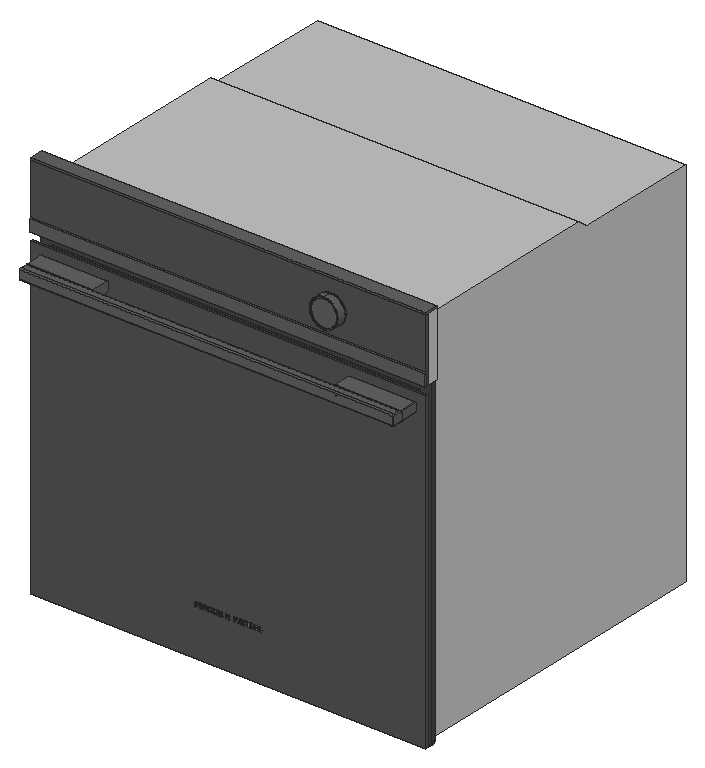
Revit family "FP_Revit_18_OB60SDPTDB1_Oven_90000944A", category Specialty Equipment, Revit 2018
Family settings
  Round Connector Dimension = Use Diameter
  Part Type = Normal
  OmniClass Number = 23.40.40.14.17.11
  OmniClass Title = Cookers, Ovens, Stoves
  Work Plane-Based = No
  Always vertical = Yes
  Cut with Voids When Loaded = Yes
  Shared = No
  Room Calculation Point = No
Parameters
  Visibility - Clearance Required = yes
  URL = "www.fisherpaykel.com"
  Product - Width = 596 mm  # constant formula
  Product - Height = 598 mm  # constant formula
  Product - Depth = 565 mm  # constant formula
  Model = "OB60SDPTDB1"
  Material - Trim = Fisher & Paykel - Aluminium, Dark
  Material - Structure = Fisher & Paykel - Black
  Material - Handle = Fisher & Paykel - Aluminium, Dark
  Material - Glass = Fisher & Paykel - Glass, Black
  Material - Buttons and Dials = Fisher & Paykel - Aluminium, Dark
  Material - Body = Fisher & Paykel - Grey
  Manufacturer = "Fisher & Paykel Appliances"
  FFL Offset [instance] = 200 mm
  Description = "60cm Built-In Oven"
  Connector Note - Electrical = "230 V, 18.5 A"
  Chassis - Width = 556 mm  # constant formula
  Chassis - Height = 575 mm  # constant formula
  Chassis - Depth = 545 mm  # constant formula
  Cavity - Width = 600 mm  # constant formula
  Cavity - Height = 600 mm  # constant formula
  Cavity - Depth = 550 mm  # constant formula
Reference planes
  plane 1 "Datum": y = 0
  plane 2: z = 0
  plane 3 "Center (Left/Right)": x = 0
  plane 4 "Cavity": z = 780
  plane 5 "Product Height": z = 798
  plane 6 "Product LHS": x = -298
  plane 7 "Product RHS": x = 298
  plane 8 "Cavity LHS": x = -300
  plane 9 "Cavity RHS": x = 300
  plane 10 "Cavity - Depth": y = 550
  plane 11 "Product Depth": y = 545
  plane 12 "Front Face": y = -20
  plane 13 "Dial": x = 154.861
  plane 14 "FFL Offset": z = 200
  plane 15 "Cavity Height": z = 800
Forms (mm)
  Extrusion 1, solid, material "Fisher & Paykel - Grey" <- "Material - Body"
    sketch origin (0, 0, 0) x (0, 1, 0) y (0, 0, 1)
      loop
        line (0, 200) -> (525, 200) -> (525, 393.99) -> (545, 413.99) -> (545, 609.73) -> (495, 659.73) -> (495, 764.6) -> (307.721, 764.6) -> (293.958, 775) -> (0, 775) -> (0, 200)
    from -278 to 278
  Extrusion 2, void
    sketch origin (0, 0, 0) x (1, 0, 0) y (0, 1, 0)
      loop
        line (-278, 495) -> (-229.13, 495) -> (-179.13, 545) -> (-278, 545) -> (-278, 495)
      loop
        line (278, 495) -> (278, 545) -> (94.617, 545) -> (114.617, 525) -> (199.13, 525) -> (229.13, 495) -> (278, 495)
    from 200 to 764.6
  Extrusion 3, solid, material "Fisher & Paykel - Aluminium, Dark" <- "Material - Trim"
    sketch origin (0, 0, 0) x (0, 1, 0) y (0, 0, 1)
      loop
        line (0, 798) -> (-20.5, 798) -> (-20.5, 795.1) -> (0, 795.1) -> (0, 798)
    from -298 to 298
  Extrusion 4, solid, material "Fisher & Paykel - Grey" <- "Material - Body"
    sketch origin (0, 0, 0) x (0, 1, 0) y (0, 0, 1)
      loop
        line (-16, 795.1) -> (-16, 698) -> (0, 698) -> (0, 795.1) -> (-16, 795.1)
    from -298 to 298
  Extrusion 5, solid, material "Fisher & Paykel - Glass, Black" <- "Material - Glass"
    sketch origin (0, 0, 0) x (1, 0, 0) y (0, 0, 1)
      loop
        line (-298, 685.2) -> (-298, 208.6) -> (298, 208.6) -> (298, 685.2) -> (-298, 685.2)
      loop
        line (-298, 698) -> (298, 698) -> (298, 794.5) -> (-298, 794.5) -> (-298, 698)
    from 16 to 20
  Extrusion 6, solid, material "Fisher & Paykel - Black" <- "Material - Structure"
    sketch origin (0, 0, 0) x (0, 1, 0) y (0, 0, 1)
      loop
        line (-13.8, 683.7) -> (-16, 683.7) -> (-16, 224.7) -> (-5, 224.7) -> (-5, 680.497) -> (-13.8, 683.7)
    from -277 to 277
  Extrusion 7, solid, material "Fisher & Paykel - Black" <- "Material - Structure"
    sketch origin (0, 0, 0) x (1, 0, 0) y (0, 0, 1)
      loop
        line (-295, 698) -> (-295, 209.536)
        arc (-295, 209.536) -> (-292.207, 202.793) -> (-285.464, 200) r 9.536
        line (-285.464, 200) -> (285.5, 200)
        arc (285.5, 200) -> (292.218, 202.782) -> (295, 209.5) r 9.5
        line (295, 209.5) -> (295, 698) -> (-295, 698)
    from 0 to 5
  Sweep 8, solid, material "Fisher & Paykel - Black"
    path origin (-195.035, 0, 0) x (0, 1, 0) y (0, 0, 1)
      loop
        line (478.272, 708.8) -> (498.6, 708.8)
        arc (498.6, 708.8) -> (507.085, 705.285) -> (510.6, 696.8) r 12
        line (510.6, 696.8) -> (510.6, 678.8)
    profile origin (-195.035, 488.436, 708.8) x (0, 0, 1) y (1, 0, 0)
      loop
        line (0, 11) -> (-11, 11) -> (-11, -11) -> (0, -11)
        arc (0, -11) -> (11, 0) -> (0, 11) r 11
  Extrusion 9, solid, material "Fisher & Paykel - Clearance Required", visible <- "Visibility - Clearance Required", detail levels coarse
    sketch origin (0, 0, 0) x (0, 1, 0) y (0, 0, 1)
      loop
        line (-21.6, 227.528) -> (-21.6, 200) -> (0, 200) -> (0, 800) -> (-21.6, 800) -> (-21.6, 685.18)
        arc (-21.6, 685.18) -> (-333.147, 559.899) -> (-479.9, 257.872) r 466.605
        line (-479.9, 257.872) -> (-465.169, 256.897) -> (-467.944, 214.989) -> (-455.498, 214.164) -> (-452.723, 256.073) -> (-21.6, 227.528)
    from -300 to 300
  Extrusion 10, solid, material "Fisher & Paykel - Clearance Required", visible <- "Visibility - Clearance Required", detail levels coarse
    sketch origin (0, 0, 0) x (1, 0, 0) y (0, 1, 0)
      loop
        line (-280, 0) -> (280, 0) -> (280, 550) -> (-280, 550) -> (-280, 0)
    from 200 to 780
  Extrusion 11, void
    sketch origin (0, 0, 0) x (1, 0, 0) y (0, 1, 0)
      loop
        line (-300, -21.6) -> (300, -21.6) -> (300, 0) -> (-300, 0) -> (-300, -21.6)
    from 200 to 800
  Extrusion 12, solid, material "Fisher & Paykel - Aluminium, Dark" <- "Material - Trim", detail levels fine
    sketch origin (0, 0, 0) x (0, 1, 0) y (0, 0, 1)
      loop
        line (-21.7, 715.525) -> (-21.7, 698) -> (-20, 698) -> (-20, 717.528) -> (-21.7, 715.525)
    from -298 to 298
  Extrusion 13, void
    sketch origin (0, 0, 0) x (1, 0, 0) y (0, 1, 0)
      loop
        line (-280, 550) -> (-280, 0) -> (280, 0) -> (280, 550) -> (-280, 550)
    from 200 to 780
Cuts and joins
  Extrusion 2 cuts Extrusion 1
Lines and regions (mm)
  model lines, style "Fisher & Paykel"
    curve 1: line (217.5, -20, 334.2) -> (-217.5, -20, 334.2)
    curve 2: line (217.5, -20, 617.436) -> (217.5, -20, 334.2)
    curve 3: line (-217.5, -20, 617.436) -> (217.5, -20, 617.436)
    curve 4: line (-217.5, -20, 334.2) -> (-217.5, -20, 617.436)
Text (mm)
  text "Disclaimer:\nWe endeavor to maintain the accuracy of our 3D content.\nHowever, product details are subject to change without notice.\nPlease refer to the product Data Sheets for the most current product information." at (41.04, -568.295, 0), in view "Ref. Level (Plan)"
Dimensions and locks
  equal spacing: plane 6 "Product LHS", plane 3 "Center (Left/Right)", plane 7 "Product RHS"
  "Product - Width": plane 6 "Product LHS" to plane 7 "Product RHS"
  equal spacing: plane 8 "Cavity LHS", plane 3 "Center (Left/Right)", plane 9 "Cavity RHS"
  "Cavity - Width": plane 8 "Cavity LHS" to plane 9 "Cavity RHS"
  "Cavity - Depth": plane 10 "Cavity - Depth" to plane 1 "Datum"
  "Chassis - Depth": plane 11 "Product Depth" to plane 1 "Datum"
  plane 12 "Front Face" to plane 1 "Datum" = 20 mm
  "Product - Depth": plane 11 "Product Depth" to plane 12 "Front Face"
  "Chassis - Width": cut or joined group of Extrusion 1, Extrusion 2 to cut or joined group of Extrusion 1, Extrusion 2
  "FFL Offset": plane 14 "FFL Offset" to level
  "Product - Height": plane 5 "Product Height" to plane 14 "FFL Offset"
  "Cavity - Height": Extrusion 9 to plane 14 "FFL Offset"
  locked: plane 5 "Product Height" to nested 2 at 125.765
  locked: plane 5 "Product Height" to nested 3 at 45.463
  locked: plane 4 "Cavity" to plane 14 "FFL Offset" at 580
  locked: nested 1 to plane 14 "FFL Offset" at 78.956
  locked: Extrusion 5 to plane 14 "FFL Offset" at 8.6
  locked: Extrusion 6 to plane 14 "FFL Offset" at 24.7
  "Cavity - Height": plane 15 "Cavity Height" to plane 14 "FFL Offset"
  locked: cut or joined group of Extrusion 1, Extrusion 2 to plane 14 "FFL Offset" at 564.6
  locked: curve 1 to plane 14 "FFL Offset" at 134.2
  locked: curve 3 to plane 14 "FFL Offset" at 417.436
  aligned and locked: level to plane 2
  aligned and locked: plane 8 "Cavity LHS" to Extrusion 9
  aligned and locked: Extrusion 9 to plane 9 "Cavity RHS"
  aligned and locked: Extrusion 1 sketch curve to plane 14 "FFL Offset"
  aligned and locked: Extrusion 1 to Extrusion 2
  aligned and locked: Extrusion 2 to Extrusion 1
  aligned and locked: plane 14 "FFL Offset" to Extrusion 9 sketch curve
  aligned and locked: plane 14 "FFL Offset" to Extrusion 7 sketch curve
  aligned and locked: Extrusion 13 to cut or joined group of Extrusion 1, Extrusion 2
  aligned and locked: plane 4 "Cavity" to Extrusion 13
  aligned and locked: plane 4 "Cavity" to Extrusion 10
  aligned and locked: Extrusion 10 to cut or joined group of Extrusion 1, Extrusion 2
  aligned and locked: Extrusion 11 to cut or joined group of Extrusion 1, Extrusion 2
  aligned and locked: Extrusion 11 to Extrusion 9
  aligned and locked: plane 15 "Cavity Height" to Extrusion 11
Automatic sketch dimensions
  Extrusion 2 sketch curve to plane 11 "Product Depth" = 0 mm  (x2)
  Extrusion 2 sketch curve to plane 6 "Product LHS" = 20 mm
  Extrusion 2 sketch curve to Extrusion 2 sketch curve = 48.87 mm
  Extrusion 2 sketch curve to Extrusion 2 sketch curve = 50 mm  (x3)
  plane 3 "Center (Left/Right)" to Extrusion 2 sketch curve = 94.617 mm
  Extrusion 2 sketch curve to Extrusion 2 sketch curve = 20 mm
  Extrusion 2 sketch curve to plane 11 "Product Depth" = 20 mm
  Extrusion 2 sketch curve to Extrusion 2 sketch curve = 84.513 mm
  Extrusion 2 sketch curve to Extrusion 2 sketch curve = 30 mm
  plane 7 "Product RHS" to Extrusion 2 sketch curve = 20 mm
  Extrusion 3 sketch curve to plane 1 "Datum" = 0 mm
  Extrusion 3 sketch curve to plane 12 "Front Face" = 0.5 mm
  Extrusion 3 sketch curve to plane 5 "Product Height" = 2.9 mm
  plane 5 "Product Height" to Extrusion 3 sketch curve = 0 mm
  Extrusion 4 sketch curve to plane 1 "Datum" = 0 mm
  plane 12 "Front Face" to Extrusion 4 sketch curve = 4 mm
  Extrusion 4 sketch curve to plane 4 "Cavity" = 82 mm
  Extrusion 4 sketch curve to plane 5 "Product Height" = 2.9 mm
  plane 6 "Product LHS" to Extrusion 5 sketch curve = 0 mm  (x2)
  plane 7 "Product RHS" to Extrusion 5 sketch curve = 0 mm  (x2)
  level to Extrusion 5 sketch curve = 208.6 mm
  Extrusion 5 sketch curve to plane 4 "Cavity" = 94.8 mm
  Extrusion 5 sketch curve to Extrusion 5 sketch curve = 12.8 mm
  Extrusion 5 sketch curve to plane 5 "Product Height" = 3.5 mm
  plane 12 "Front Face" to Extrusion 6 sketch curve = 4 mm
  Extrusion 6 sketch curve to Extrusion 6 sketch curve = 2.2 mm
  plane 1 "Datum" to Extrusion 6 sketch curve = 5 mm
  level to Extrusion 6 sketch curve = 224.7 mm
  Extrusion 6 sketch curve to plane 4 "Cavity" = 99.503 mm
  Extrusion 6 sketch curve to Extrusion 6 sketch curve = 3.203 mm
  plane 7 "Product RHS" to curve 2 = 80.5 mm
  curve 4 to plane 6 "Product LHS" = 80.5 mm
  Sweep 8 sketch curve to plane 11 "Product Depth" = 46.4 mm
  Sweep 8 sketch curve to Sweep 8 sketch curve = 12 mm
  Sweep 8 sketch curve to plane 4 "Cavity" = 83.2 mm
  Sweep 8 sketch curve to Sweep 8 sketch curve = 20.328 mm
  Sweep 8 sketch curve to Sweep 8 sketch curve = 18 mm
  Sweep 8 sketch curve to profile plane = 0 mm  (x2)
  Sweep 8 sketch curve to Sweep 8 sketch curve = 11 mm
  Sweep 8 sketch curve to profile plane = 11 mm
  Extrusion 10 sketch curve to plane 10 "Cavity - Depth" = 0 mm
  plane 1 "Datum" to Extrusion 10 sketch curve = 0 mm
  Extrusion 10 sketch curve to plane 6 "Product LHS" = 18 mm
  plane 7 "Product RHS" to Extrusion 10 sketch curve = 18 mm
  plane 1 "Datum" to Extrusion 11 sketch curve = 0 mm
  Extrusion 11 sketch curve to plane 8 "Cavity LHS" = 0 mm
  Extrusion 11 sketch curve to plane 9 "Cavity RHS" = 0 mm
  Extrusion 11 sketch curve to plane 12 "Front Face" = 1.6 mm
  Extrusion 12 sketch curve to plane 12 "Front Face" = 0 mm
  Extrusion 12 sketch curve to Extrusion 12 sketch curve = 1.7 mm
  Extrusion 12 sketch curve to plane 4 "Cavity" = 82 mm
  Extrusion 12 sketch curve to Extrusion 12 sketch curve = 17.525 mm
  Extrusion 12 sketch curve to Extrusion 12 sketch curve = 2.002 mm
  plane 1 "Datum" to Extrusion 13 sketch curve = 0 mm
  Extrusion 13 sketch curve to plane 10 "Cavity - Depth" = 0 mm
  Extrusion 13 sketch curve to plane 6 "Product LHS" = 18 mm
  plane 7 "Product RHS" to Extrusion 13 sketch curve = 18 mm
  Extrusion 1 sketch curve to plane 1 "Datum" = 0 mm
  Extrusion 1 sketch curve to plane 11 "Product Depth" = 0 mm
  Extrusion 1 sketch curve to plane 4 "Cavity" = 5 mm
  Extrusion 1 sketch curve to plane 11 "Product Depth" = 251.042 mm
  Extrusion 1 sketch curve to Extrusion 1 sketch curve = 13.762 mm
  Extrusion 1 sketch curve to plane 4 "Cavity" = 15.4 mm
  Extrusion 1 sketch curve to plane 11 "Product Depth" = 50 mm
  Extrusion 1 sketch curve to plane 11 "Product Depth" = 20 mm
  plane 14 "FFL Offset" to Extrusion 1 sketch curve = 193.99 mm
  Extrusion 1 sketch curve to Extrusion 1 sketch curve = 20 mm
  Extrusion 1 sketch curve to Extrusion 1 sketch curve = 154.87 mm
  Extrusion 1 sketch curve to Extrusion 1 sketch curve = 50 mm
  Extrusion 9 sketch curve to plane 1 "Datum" = 0 mm
  plane 12 "Front Face" to Extrusion 9 sketch curve = 5.051 mm
  Extrusion 9 sketch curve to plane 12 "Front Face" = 1.6 mm  (x2)
  plane 14 "FFL Offset" to Extrusion 9 sketch curve = 56.073 mm
  Extrusion 9 sketch curve to Extrusion 9 sketch curve = 431.123 mm
  plane 14 "FFL Offset" to Extrusion 9 sketch curve = 14.164 mm
  Extrusion 9 sketch curve to Extrusion 9 sketch curve = 2.775 mm
  plane 14 "FFL Offset" to Extrusion 9 sketch curve = 56.897 mm
  Extrusion 9 sketch curve to Extrusion 9 sketch curve = 12.446 mm
  plane 14 "FFL Offset" to Extrusion 9 sketch curve = 57.872 mm
  Extrusion 9 sketch curve to Extrusion 9 sketch curve = 8.905 mm
  plane 5 "Product Height" to Extrusion 9 sketch curve = 2 mm
  Extrusion 7 sketch curve to plane 6 "Product LHS" = 3 mm
  plane 14 "FFL Offset" to Extrusion 7 sketch curve = 9.536 mm
  plane 7 "Product RHS" to Extrusion 7 sketch curve = 12.5 mm
  plane 7 "Product RHS" to Extrusion 7 sketch curve = 3 mm
  Extrusion 7 sketch curve to plane 4 "Cavity" = 82 mm
Nested families
  nested 1: "F&P Logo 100mm" at (0, -20, 278.956), type "Grey", detail levels fine
  nested 2: "F&P Handle Contemporary Square OB60-24" at (0, -20, 664.257), type "Aluminium Dark"
  nested 3: "F&P Dial OB" at (154.861, -20, 752.537), type "F&P Dial OB Black"
Connectors
  electrical at (-195.035, 505.1, 678.8), driven by "Connector Note - Electrical"
    settings: on Sweep 8, index 1, voltage 230 V, apparent load 0 VA, apparent load phase1 0 VA, apparent load phase2 0 VA, apparent load phase3 0 VA, power factor 1, load classification "Other", number of poles 1, system type 30, power factor state 1, is connector primary yes, connector utility no, sub classification motor no, connector description "230 V, 18.5 A"
Definition of nested family "F&P Logo 100mm"
  Parameters (values of type "Chrome")
    URL = "www.fisherpaykel.com"
    Material - Logo = none
    Manufacturer = "Fisher & Paykel Appliances"
  Types (3): name
    (no name)
    Chrome
    Grey
  Reference planes
    plane 1 "Center (Front/Back)": y = 0
    plane 2: z = 0
    plane 3 "Center (Left/Right)": x = 0
  Forms (mm)
    Extrusion 1, solid, material <- "Material - Logo", detail levels fine
      sketch origin (0, 0, 0) x (1, 0, 0) y (0, 0, 1)
        loop
          line (-50.044, 0) -> (-48.47, 0) -> (-48.47, 2.138) -> (-46.011, 2.138) -> (-46.011, 3.472) -> (-48.47, 3.472) -> (-48.47, 4.712) -> (-45.795, 4.712) -> (-45.795, 6.04) -> (-50.044, 6.04) -> (-50.044, 0)
        loop
          line (-42.804, 6.04) -> (-42.804, 0) -> (-41.23, 0) -> (-41.23, 6.04) -> (-42.804, 6.04)
        loop
          line (-30.724, 6.04) -> (-30.724, 0) -> (-29.151, 0) -> (-29.151, 2.42) -> (-26.839, 2.42) -> (-26.839, 0) -> (-25.265, 0) -> (-25.265, 6.04) -> (-26.839, 6.04) -> (-26.839, 3.748) -> (-29.151, 3.748) -> (-29.151, 6.04) -> (-30.724, 6.04)
        loop
          line (-21.906, 6.04) -> (-21.906, 0) -> (-17.602, 0) -> (-17.602, 1.328) -> (-20.347, 1.328) -> (-20.347, 2.42) -> (-17.838, 2.42) -> (-17.838, 3.748) -> (-20.347, 3.748) -> (-20.347, 4.712) -> (-17.602, 4.712) -> (-17.602, 6.04) -> (-21.906, 6.04)
        loop
          line (45.667, 6.04) -> (45.667, 0) -> (49.956, 0) -> (49.956, 1.328) -> (47.241, 1.328) -> (47.241, 6.04) -> (45.667, 6.04)
        loop
          line (42.431, 6.04) -> (38.112, 6.04) -> (38.112, 0) -> (42.431, 0) -> (42.431, 1.328) -> (39.687, 1.328) -> (39.687, 2.42) -> (42.195, 2.42) -> (42.195, 3.748) -> (39.687, 3.748) -> (39.687, 4.712) -> (42.431, 4.712) -> (42.431, 6.04)
        loop
          line (33.451, 3.148) -> (35.683, 6.04) -> (33.844, 6.04) -> (31.915, 3.542) -> (31.915, 6.04) -> (30.342, 6.04) -> (30.342, 0) -> (31.915, 0) -> (31.915, 2.705) -> (33.903, 0) -> (35.763, 0) -> (33.451, 3.148)
        loop
          line (21.98, 6.04) -> (24.262, 2.42) -> (24.262, 0) -> (25.837, 0) -> (25.837, 2.341) -> (28.119, 6.04) -> (26.446, 6.04) -> (25.099, 3.707) -> (23.753, 6.04) -> (21.98, 6.04)
        loop
          line (18.479, 6.04) -> (16.983, 6.04) -> (14.524, 0) -> (16.069, 0) -> (16.501, 1.112) -> (18.921, 1.112) -> (19.354, 0) -> (20.938, 0) -> (18.479, 6.04)
        loop
          line (18.4, 2.439) -> (17.693, 4.174) -> (17.018, 2.439) -> (18.4, 2.439)
        loop
          line (8.031, 6.04) -> (8.031, 0) -> (9.605, 0) -> (9.605, 1.938) -> (10.599, 1.938)
          arc (10.599, 1.938) -> (12.65, 3.989) -> (10.599, 6.04) r 2.051
          line (10.599, 6.04) -> (8.031, 6.04)
        loop
          line (9.605, 4.712) -> (9.605, 3.197) -> (10.501, 3.197)
          arc (10.501, 3.197) -> (11.259, 3.954) -> (10.501, 4.712) r 0.757
          line (10.501, 4.712) -> (9.605, 4.712)
        loop
          line (-11.783, 6.04) -> (-14.366, 6.04) -> (-14.366, 0) -> (-12.792, 0) -> (-12.792, 1.336) -> (-11.992, 1.336) -> (-10.972, 0) -> (-9.153, 0) -> (-10.694, 1.973)
          arc (-10.694, 1.973) -> (-9.678, 4.424) -> (-11.783, 6.04) r 2.179
        loop
          line (-11.897, 4.712) -> (-12.792, 4.712) -> (-12.792, 3.053) -> (-11.897, 3.053)
          arc (-11.897, 3.053) -> (-11.068, 3.882) -> (-11.897, 4.712) r 0.83
        loop
          line (0.477, 4.712) -> (0.477, 6.153) -> (-3.575, 6.153) -> (-3.575, 4.851) -> (-2.974, 4.112)
          arc (-2.974, 4.112) -> (-3.51, 0.684) -> (-0.045, 0.512) r 2.334
          line (-0.045, 0.512) -> (0.46, -0.109) -> (2.246, -0.109) -> (0.86, 1.594) -> (2.061, 3.324) -> (0.443, 3.324) -> (-0.013, 2.667) -> (-1.677, 4.712) -> (0.477, 4.712)
        loop
          arc (-2.125, 3.068) -> (-2.269, 1.668) -> (-0.868, 1.524) r 0.996
          line (-0.868, 1.524) -> (-2.125, 3.068)
        loop
          line (-35.18, 3.634) -> (-36.516, 3.91)
          arc (-36.516, 3.91) -> (-37.049, 4.443) -> (-36.516, 4.976) r 0.533
          arc (-36.516, 4.976) -> (-35.235, 4.79) -> (-34.059, 4.248) r 4.505
          line (-34.059, 4.248) -> (-34.059, 5.743)
          arc (-34.059, 5.743) -> (-35.549, 6.179) -> (-37.1, 6.109) r 4.726
          arc (-37.1, 6.109) -> (-38.536, 4.335) -> (-37.1, 2.561) r 1.814
          line (-37.1, 2.561) -> (-35.754, 2.282)
          arc (-35.754, 2.282) -> (-35.221, 1.749) -> (-35.754, 1.216) r 0.533
          arc (-35.754, 1.216) -> (-37.035, 1.402) -> (-38.211, 1.945) r 4.505
          line (-38.211, 1.945) -> (-38.211, 0.449)
          arc (-38.211, 0.449) -> (-36.72, 0.013) -> (-35.169, 0.083) r 4.726
          arc (-35.169, 0.083) -> (-33.734, 1.863) -> (-35.18, 3.634) r 1.814
      from 0 to 0.8
  Dimensions and locks
    aligned and locked: level to plane 2
Definition of nested family "F&P Handle Contemporary Square OB60-24"
  Parameters (values of type "Aluminium Dark")
    URL = "www.fisherpaykel.com"
    Material - Handle = none
    Manufacturer = "Fisher & Paykel Appliances"
    Handle - Length = 565 mm
  Types (2): name
    Aluminium
    Aluminium Dark
  Reference planes
    plane 1 "Center (Front/Back)": y = 0
    plane 2: z = 0
    plane 3 "Center (Left/Right)": x = 0
    plane 4 "Product LHS": x = -282.5
    plane 5 "Product RHS": x = 282.5
    plane 6 "LHS Standoff": x = -182.495
    plane 7 "RHS Standoff": x = 182.505
  Forms (mm)
    Extrusion 1, solid, material <- "Material - Handle", detail levels fine
      sketch origin (0, 0, 0) x (0, 1, 0) y (0, 0, 1)
        loop
          arc (-28.701, 7.561) -> (-29.057, 7.868) -> (-29.514, 7.978) r 1
          line (-29.514, 7.978) -> (-40.5, 7.978)
          arc (-40.5, 7.978) -> (-41.561, 7.539) -> (-42, 6.478) r 1.5
          line (-42, 6.478) -> (-42, -6.522)
          arc (-42, -6.522) -> (-41.561, -7.583) -> (-40.5, -8.022) r 1.5
          line (-40.5, -8.022) -> (-29.487, -8.022)
          arc (-29.487, -8.022) -> (-29.029, -7.911) -> (-28.673, -7.602) r 1
          arc (-28.673, -7.602) -> (-26.256, -0.016) -> (-28.701, 7.561) r 13.038
      from -282.5 to 282.5
    Extrusion 2, solid, material <- "Material - Handle", detail levels fine
      sketch origin (0, 0, 0) x (0, 1, 0) y (0, 0, 1)
        loop
          arc (-28.23, 7.062) -> (-26.156, 0.008) -> (-28.198, -7.056) r 13.136
          arc (-28.198, -7.056) -> (-28.21, -7.463) -> (-27.86, -7.67) r 0.4
          line (-27.86, -7.67) -> (0, -7.67) -> (0, 7.678) -> (-27.893, 7.678)
          arc (-27.893, 7.678) -> (-28.244, 7.47) -> (-28.23, 7.062) r 0.4
      from 182.505 to 282.5
    Extrusion 3, solid, material <- "Material - Handle", detail levels fine
      sketch origin (0, 0, 0) x (0, 1, 0) y (0, 0, -1)
        loop
          arc (-28.23, -7.062) -> (-28.244, -7.47) -> (-27.893, -7.678) r 0.4
          line (-27.893, -7.678) -> (0, -7.678) -> (0, 7.67) -> (-27.86, 7.67)
          arc (-27.86, 7.67) -> (-28.21, 7.463) -> (-28.198, 7.056) r 0.4
          arc (-28.198, 7.056) -> (-26.156, -0.008) -> (-28.23, -7.062) r 13.136
      from 182.495 to 282.5
    Sweep 4, void
      path in 3D
        loop
          line (282.5, -29.514, 7.978) -> (282.5, -40.5, 7.978)
          arc (282.5, -40.5, 7.978) -> (282.5, -41.561, 7.539) -> (282.5, -42, 6.478) r 1.5
          line (282.5, -42, 6.478) -> (282.5, -42, -6.522)
          arc (282.5, -42, -6.522) -> (282.5, -41.561, -7.583) -> (282.5, -40.5, -8.022) r 1.5
          line (282.5, -40.5, -8.022) -> (282.5, -29.487, -8.022)
      profile origin (282.5, -35.007, 7.978) x (1, 0, 0) y (0, 0, 1)
        loop
          line (0, 0) -> (-1.3, 0) -> (0, -1.3) -> (0, 0)
    Sweep 5, void
      path in 3D
        loop
          line (-282.5, -29.487, -8.022) -> (-282.5, -40.5, -8.022)
          arc (-282.5, -40.5, -8.022) -> (-282.5, -41.561, -7.583) -> (-282.5, -42, -6.522) r 1.5
          line (-282.5, -42, -6.522) -> (-282.5, -42, 6.478)
          arc (-282.5, -42, 6.478) -> (-282.5, -41.561, 7.539) -> (-282.5, -40.5, 7.978) r 1.5
          line (-282.5, -40.5, 7.978) -> (-282.5, -29.514, 7.978)
      profile origin (-282.5, -35.007, 7.978) x (-1, 0, 0) y (0, 0, 1)
        loop
          line (0, 0) -> (-1.3, 0) -> (0, -1.3) -> (0, 0)
    Extrusion 6, void
      sketch origin (0, 0, 0) x (1, 0, 0) y (0, 0, 1)
        loop
          line (282.5, 7.978) -> (281.2, 7.978) -> (282.5, 6.678) -> (282.5, 7.978)
        loop
          line (282.5, -8.022) -> (282.5, -6.722) -> (281.2, -8.022) -> (282.5, -8.022)
      from 0 to 40
    Extrusion 7, void
      sketch origin (0, 0, 0) x (1, 0, 0) y (0, 0, 1)
        loop
          line (-282.5, 7.978) -> (-282.5, 6.678) -> (-281.2, 7.978) -> (-282.5, 7.978)
        loop
          line (-282.5, -8.022) -> (-281.2, -8.022) -> (-282.5, -6.722) -> (-282.5, -8.022)
      from 0 to 40
    Extrusion 8, solid, material <- "Material - Handle", detail levels coarse+medium
      sketch origin (0, 0, 0) x (1, 0, 0) y (0, 1, 0)
        loop
          line (-282.5, -42) -> (282.5, -42) -> (282.5, 0) -> (182.505, 0) -> (182.505, -26.156) -> (-182.495, -26.156) -> (-182.495, 0) -> (-282.5, 0) -> (-282.5, -42)
      from -8.022 to 7.978
  Cuts and joins
    Sweep 4, Sweep 5, Extrusion 6, Extrusion 7 cuts Extrusion 1
    Extrusion 6 cuts Extrusion 2
    Extrusion 7 cuts Extrusion 3
  Lines and regions (mm)
    sketch lines
      curve 1: line (282.5, -29.514, 7.978) -> (282.5, -40.5, 7.978)
      curve 2: arc (282.5, -42, 6.478) -> (282.5, -41.561, 7.539) -> (282.5, -40.5, 7.978) r 1.5
      curve 3: line (282.5, -42, 6.478) -> (282.5, -42, -6.522)
      curve 4: arc (282.5, -40.5, -8.022) -> (282.5, -41.561, -7.583) -> (282.5, -42, -6.522) r 1.5
      curve 5: line (282.5, -40.5, -8.022) -> (282.5, -29.487, -8.022)
      curve 6: line (-282.5, -40.5, 7.978) -> (-282.5, -29.514, 7.978)
      curve 7: arc (-282.5, -40.5, 7.978) -> (-282.5, -41.561, 7.539) -> (-282.5, -42, 6.478) r 1.5
      curve 8: line (-282.5, -42, -6.522) -> (-282.5, -42, 6.478)
      curve 9: arc (-282.5, -42, -6.522) -> (-282.5, -41.561, -7.583) -> (-282.5, -40.5, -8.022) r 1.5
      curve 10: line (-282.5, -29.487, -8.022) -> (-282.5, -40.5, -8.022)
  Dimensions and locks
    equal spacing: plane 4 "Product LHS", plane 3 "Center (Left/Right)", plane 5 "Product RHS"
    "Handle - Length": plane 4 "Product LHS" to plane 5 "Product RHS"
    locked: plane 4 "Product LHS" to plane 6 "LHS Standoff" at 100.005
    locked: plane 7 "RHS Standoff" to plane 5 "Product RHS" at 99.995
    aligned and locked: level to plane 2
    aligned and locked: Extrusion 1 to plane 5 "Product RHS"
    aligned and locked: plane 4 "Product LHS" to Extrusion 1
    aligned and locked: Extrusion 2 to plane 5 "Product RHS"
    aligned and locked: plane 4 "Product LHS" to Extrusion 3
    aligned and locked: plane 4 "Product LHS" to Extrusion 8 sketch curve
    aligned and locked: Extrusion 8 sketch curve to plane 5 "Product RHS"
    aligned and locked: Extrusion 8 sketch curve to plane 7 "RHS Standoff"
    aligned and locked: plane 6 "LHS Standoff" to Extrusion 8 sketch curve
    aligned and locked: Extrusion 2 to plane 7 "RHS Standoff"
    aligned and locked: plane 6 "LHS Standoff" to Extrusion 3
  Automatic sketch dimensions
    Extrusion 1 sketch curve to level = 6.522 mm
    plane 1 "Center (Front/Back)" to Extrusion 1 sketch curve = 42 mm
    Extrusion 1 sketch curve to Extrusion 1 sketch curve = 1.5 mm  (x2)
    Extrusion 1 sketch curve to level = 0.04 mm
    Extrusion 1 sketch curve to Extrusion 1 sketch curve = 1.206 mm
    level to Extrusion 1 sketch curve = 6.978 mm
    Extrusion 1 sketch curve to Extrusion 1 sketch curve = 10.986 mm
    Extrusion 1 sketch curve to Extrusion 1 sketch curve = 11.013 mm
    Extrusion 1 sketch curve to Extrusion 1 sketch curve = 1 mm
    level to Extrusion 1 sketch curve = 6.478 mm
    Extrusion 1 sketch curve to Extrusion 1 sketch curve = 0 mm
    Extrusion 2 sketch curve to plane 1 "Center (Front/Back)" = 0 mm
    Extrusion 2 sketch curve to level = 7.67 mm
    Extrusion 2 sketch curve to Extrusion 2 sketch curve = 27.86 mm
    level to Extrusion 2 sketch curve = 7.678 mm
    Extrusion 2 sketch curve to Extrusion 2 sketch curve = 0.033 mm
    Extrusion 2 sketch curve to level = 0.022 mm
    Extrusion 2 sketch curve to Extrusion 2 sketch curve = 11.398 mm
    Extrusion 2 sketch curve to Extrusion 2 sketch curve = 0.4 mm  (x2)
    Extrusion 2 sketch curve to Extrusion 2 sketch curve = 0 mm
    Extrusion 3 sketch curve to plane 1 "Center (Front/Back)" = 0 mm
    Extrusion 3 sketch curve to level = 7.67 mm
    Extrusion 3 sketch curve to Extrusion 3 sketch curve = 27.86 mm
    level to Extrusion 3 sketch curve = 7.678 mm
    Extrusion 3 sketch curve to Extrusion 3 sketch curve = 0.033 mm
    Extrusion 3 sketch curve to level = 0.022 mm
    Extrusion 3 sketch curve to Extrusion 3 sketch curve = 11.398 mm
    Extrusion 3 sketch curve to Extrusion 3 sketch curve = 0.4 mm  (x2)
    Extrusion 3 sketch curve to Extrusion 3 sketch curve = 0 mm
    profile plane to Sweep 4 sketch curve = 0 mm
    Sweep 4 sketch curve to profile plane = 0 mm
    Sweep 4 sketch curve to profile plane = 1.3 mm
    profile plane to Sweep 4 sketch curve = 1.3 mm
    Sweep 5 sketch curve to profile plane = 0 mm  (x2)
    profile plane to Sweep 5 sketch curve = 1.3 mm
    Sweep 5 sketch curve to profile plane = 1.3 mm
    plane 5 "Product RHS" to Extrusion 6 sketch curve = 0 mm  (x2)
    Extrusion 6 sketch curve to Extrusion 6 sketch curve = 1.3 mm  (x4)
    Extrusion 6 sketch curve to level = 6.722 mm
    level to Extrusion 6 sketch curve = 6.678 mm
    plane 4 "Product LHS" to Extrusion 7 sketch curve = 0 mm  (x2)
    Extrusion 7 sketch curve to plane 4 "Product LHS" = 1.3 mm  (x2)
    Extrusion 7 sketch curve to level = 8.022 mm
    level to Extrusion 7 sketch curve = 6.678 mm
    Extrusion 7 sketch curve to Extrusion 7 sketch curve = 1.3 mm  (x2)
    plane 1 "Center (Front/Back)" to Extrusion 8 sketch curve = 0 mm  (x2)
    Extrusion 8 sketch curve to Extrusion 8 sketch curve = 26.156 mm
    Extrusion 8 sketch curve to Extrusion 8 sketch curve = 42 mm
Definition of nested family "F&P Dial OB"
  Parameters (values of type "F&P Dial OB Black")
    URL = "www.fisherpaykel.com"
    Material - Buttons and Dials = none
    Material - Bezel = none
    Manufacturer = "Fisher & Paykel Appliances"
  Types (2): name
    F&P Dial OB
    F&P Dial OB Black
  Reference planes
    plane 1 "Center (Front/Back)": y = 0
    plane 2: z = 0
    plane 3 "Center (Left/Right)": x = 0
  Forms (mm)
    Revolve 1, solid, material <- "Material - Buttons and Dials", detail levels fine
      sketch origin (0, 0, 0) x (0, 1, 0) y (0, 0, 1)
        loop
          line (0, 22) -> (-0.843, 22) -> (-0.843, 16.038) -> (-2.39, 16.038) -> (-2.39, 22) -> (-13.7, 22) -> (-13.7, 21.2) -> (-13.191, 20) -> (-8.9, 20) -> (-8.9, 0) -> (0, 0) -> (0, 22)
        axis (0, 0) -> (-13.7, 0)
      angle from 0 to 360
    Extrusion 2, solid, material <- "Material - Buttons and Dials", detail levels fine
      sketch origin (0, 0, 0) x (1, 0, 0) y (0, 0, 1)
        loop
          circle (0, 0) r 19.45
      from 8.9 to 13.191
    Extrusion 3, solid, material <- "Material - Buttons and Dials", detail levels coarse+medium
      sketch origin (0, 0, 0) x (1, 0, 0) y (0, 0, 1)
        loop
          circle (0, 0) r 22
      from 0 to 13.7
    Extrusion 4, solid, material <- "Material - Bezel", detail levels fine
      sketch origin (0, 0, 0) x (1, 0, 0) y (0, 0, 1)
        loop
          circle (0, 0) r 19.45
        loop
          circle (0, 0) r 20
      from 2.39 to 13.191
  Dimensions and locks
    aligned and locked: level to plane 2
